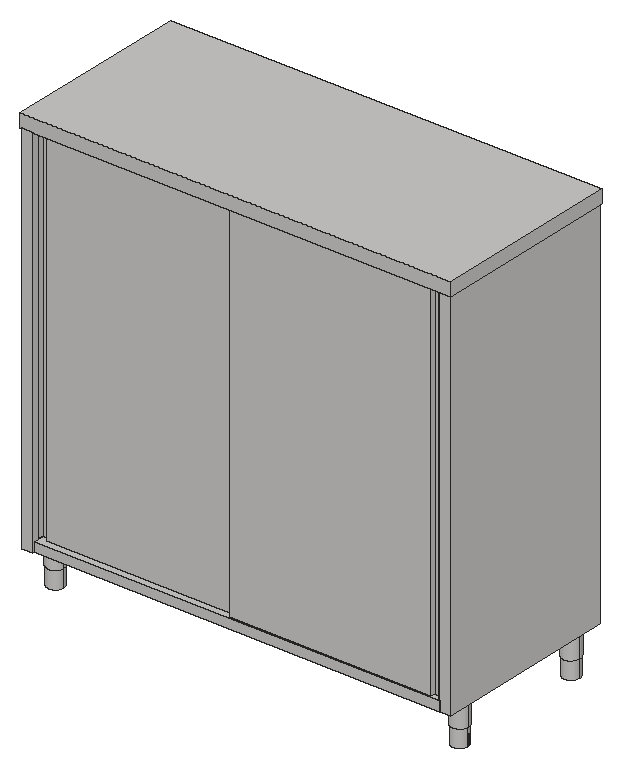
Revit family "QF_ZANUSSI_132888_SAS16N", category Attrezzature speciali, Revit 2020
Family settings
  Quota connettore circolare = Usa diametro
  Tipo di parte = Normale
  Basato su piano di lavoro = No
  Sempre verticale = Sì
  Taglio con vuoti quando caricato = No
  Condiviso = No
  Punto di calcolo locali = No
Parameters (values of type "Standard")
  Weight = 123.00 kg
  Watts = 0 W
  Volts = 0 V
  URL Manufacturer = "http://www.zanussiprofessional.com"
  URL = "http://www.zanussiprofessional.com"
  Steam Supply Size = 0 mm
  Steam Supply Minimum Pressure = 0.0 Pa
  Steam Supply Maximum Pressure = 0.0 Pa
  Steam Consumption per Hour = 0
  Refrigeration Suction Line Size = 0.0 mm
  Refrigeration Liquid Line Size = 0.0 mm
  Refrigerant Compressor Remote = yes
  Prospetto di default = 0.0 mm
  Phase = 0
  Modello = "SAS16N"
  Produttore = "Zanussi"
  Length Actual = 1600.0 mm  # constant formula
  Item Number = "132888"
  Hot Water Size = 0 mm
  Height Actual = 1600.0 mm  # constant formula
  HP = "0 HP"
  Gas Size = 0 mm
  Gas KW = 0
  Gas Input Pressure = 0 W
  Direct Waste Size = 0 mm
  Descrizione = "STORAGE CAB(H=1600)+SLIDING DOORS 1600MM"
  Depth Actual = 700.0 mm  # constant formula
  Cycle = 0 Hz
  Condensate Return Size = 0 mm
  Compressed Air Volume = 0.0 L/s
  Compressed Air Size = 0 mm
  Compressed Air Pressure = 0.0 Pa
  Cold Water Size = 0 mm
  Accessory = yes
Reference planes
  plane 1 "Center (Front/Back)": y = 0
  plane 2: z = 0
  plane 3 "Center (Left/Right)": x = -300
  plane 4 "LEFT": x = -1100
  plane 5 "RIGHT": x = 500
  plane 6 "BACK": y = 350
  plane 7 "FRONT": y = -350
  plane 8 "TOP": z = 1600
  plane 9: x = -1052
  plane 10: x = 452
  plane 11: y = 270
  plane 12: y = -247
  plane 13 "FEET": z = 150
  plane 14: x = -1054.5
  plane 15: y = -344.5
  plane 16: x = 454.5
  plane 17: x = -326.5
  plane 18: x = -273.5
  plane 19 "BaseTop": z = 1550
  plane 20: x = -1094.5
  plane 21: x = 494.5
  plane 22: y = 344.5
Forms (mm)
  Extrusion 1, solid, material "QF_Finishes_Stainless Steel"
    sketch origin (0, 0, 150) x (-1, 0, 0) y (0, -1, 0)
      loop
        line (1094.5, -350) -> (1094.5, 350) -> (1054.5, 350) -> (1054.5, -350) -> (1094.5, -350)
      loop
        line (-454.5, -350) -> (-454.5, 344.5) -> (-494.5, 344.5) -> (-494.5, -350) -> (-454.5, -350)
    from 0 to 1400
  Extrusion 2, solid, material "QF_Finishes_Stainless Steel"
    sketch origin (0, 0, 150) x (-1, 0, 0) y (0, -1, 0)
      loop
        line (1054.5, -347) -> (1054.5, 344.5) -> (-454.5, 344.5) -> (-454.5, -347) -> (1054.5, -347)
    from 0 to 35
  Extrusion 3, solid, material "QF_Finishes_Stainless Steel"
    sketch origin (0, 0, 150) x (-1, 0, 0) y (0, -1, 0)
      loop
        line (-454.5, -350) -> (1054.5, -350) -> (1054.5, -327) -> (-454.5, -327) -> (-454.5, -350)
    from 1400 to 35
  Extrusion 4, solid, material "QF_Finishes_Stainless Steel"
    sketch origin (0, 0, 1550) x (-1, 0, 0) y (0, -1, 0)
      loop
        line (1100, 350) -> (-500, 350) -> (-500, -350) -> (1100, -350) -> (1100, 350)
    from 0 to 50
  Extrusion 5, solid, material "QF_Finishes_Stainless Steel"
    sketch origin (33, 0, 150) x (-1, 0, 0) y (0, -1, 0)
      loop
        line (306.5, 324.5) -> (306.5, 304.5) -> (1085, 304.5) -> (1085, 324.5) -> (1083, 324.5) -> (1083, 309.5) -> (1056.034, 309.5) -> (1056.034, 324.5) -> (306.5, 324.5)
    from 1400 to 40
  Extrusion 6, solid, material "QF_Finishes_Stainless Steel"
    sketch origin (-633, 0, 150) x (1, 0, 0) y (0, 1, 0)
      loop
        line (306.5, -344.5) -> (1056.034, -344.5) -> (1056.034, -329.5) -> (1083, -329.5) -> (1083, -344.5) -> (1085, -344.5) -> (1085, -324.5) -> (306.5, -324.5) -> (306.5, -344.5)
    from 1400 to 40
Lines and regions (mm)
  symbolic lines, style "SpecialityEquipment"
    curve 1: line (-1100, 350, 1550) -> (500, 350, 1550)
    curve 2: line (-1100, -350, 1550) -> (-1100, 350, 1550)
    curve 3: line (500, -350, 1550) -> (-1100, -350, 1550)
    curve 4: line (500, 350, 1550) -> (500, -350, 1550)
  symbolic lines, style "SpecialityEquipmentHiddenLines"
    curve 5: line (-1100, -350, 1550) -> (500, 350, 1550)
    curve 6: line (-326.5, -324.5, 200) -> (-326.5, -344.5, 200)
    curve 7: line (-1052, -304.5, 1550) -> (-273.5, -304.5, 1550)
    curve 8: line (-273.5, -304.5, 1550) -> (-273.5, -324.5, 1550)
    curve 9: line (-273.5, -324.5, 1550) -> (-1052, -324.5, 1550)
    curve 10: line (-1052, -324.5, 1550) -> (-1052, -304.5, 1550)
    curve 11: line (-326.5, -344.5, 1550) -> (452, -344.5, 1550)
    curve 12: line (452, -344.5, 1550) -> (452, -324.5, 1550)
    curve 13: line (452, -324.5, 1550) -> (-273.5, -324.5, 1550)
Dimensions and locks
  plane 4 "LEFT" to plane 5 "RIGHT" = 1600.0 mm
  equal spacing: plane 4 "LEFT", plane 3 "Center (Left/Right)", plane 5 "RIGHT"
  plane 6 "BACK" to plane 7 "FRONT" = 700.0 mm
  equal spacing: plane 6 "BACK", plane 1 "Center (Front/Back)", plane 7 "FRONT"
  locked: plane 13 "FEET" to level at 150
  locked: plane 4 "LEFT" to plane 9 at 48
  locked: plane 10 to plane 5 "RIGHT" at 48
  locked: plane 6 "BACK" to plane 11 at 80
  locked: plane 12 to plane 7 "FRONT" at 103
  locked: plane 8 "TOP" to level at 1600
  locked: plane 17 to plane 18 at 53
  equal spacing: plane 17, plane 3 "Center (Left/Right)", plane 18
  plane 4 "LEFT" to plane 20 = 5.5 mm
  locked: plane 20 to plane 14 at 40
  locked: plane 16 to plane 21 at 40
  locked: plane 21 to plane 5 "RIGHT" at 5.5
  plane 15 to plane 7 "FRONT" = 5.5 mm  (x2)
  plane 6 "BACK" to plane 22 = 5.5 mm
  locked: plane 8 "TOP" to plane 19 "BaseTop" at 50
  aligned and locked: level to plane 2
  aligned and locked: plane 9 to nested 1
  aligned and locked: plane 10 to nested 2
  aligned and locked: nested 4 to plane 11
  aligned and locked: plane 9 to nested 3
  aligned and locked: nested 3 to plane 11
  aligned and locked: plane 6 "BACK" to Extrusion 1 sketch curve
  aligned and locked: Extrusion 1 sketch curve to plane 6 "BACK"
  aligned and locked: Extrusion 1 sketch curve to plane 7 "FRONT"
  aligned and locked: plane 14 to Extrusion 1
  aligned and locked: Extrusion 2 to plane 14
  aligned and locked: Extrusion 2 to plane 15
  aligned and locked: nested 1 to plane 12
  aligned and locked: nested 2 to plane 12
  aligned and locked: Extrusion 2 sketch curve to plane 16
  aligned and locked: nested 4 to nested 2
  aligned and locked: plane 16 to Extrusion 3
  aligned and locked: Extrusion 3 to plane 14
  aligned and locked: plane 19 "BaseTop" to Extrusion 3
  aligned and locked: plane 19 "BaseTop" to Extrusion 5
  aligned and locked: plane 19 "BaseTop" to Extrusion 6
  aligned and locked: plane 19 "BaseTop" to Extrusion 1
Automatic sketch dimensions
  Extrusion 1 sketch curve to plane 15 = 0.0 mm
  Extrusion 1 sketch curve to plane 21 = 0.0 mm
  Extrusion 1 sketch curve to plane 16 = 0.0 mm
  Extrusion 1 sketch curve to plane 14 = 0.0 mm
  Extrusion 1 sketch curve to plane 20 = 0.0 mm
  Extrusion 2 sketch curve to plane 14 = 0.0 mm
  Extrusion 2 sketch curve to plane 15 = 0.0 mm
  plane 22 to Extrusion 2 sketch curve = 2.5 mm
  curve 6 to plane 15 = 0.0 mm
  curve 6 to plane 17 = 0.0 mm
  plane 15 to curve 6 = 20.0 mm
  Extrusion 3 sketch curve to plane 6 "BACK" = 0.0 mm
  Extrusion 3 sketch curve to plane 16 = 0.0 mm
  Extrusion 3 sketch curve to plane 14 = 0.0 mm
  plane 22 to Extrusion 3 sketch curve = 17.5 mm
  Extrusion 4 sketch curve to plane 5 "RIGHT" = 0.0 mm
  Extrusion 4 sketch curve to plane 4 "LEFT" = 0.0 mm
  Extrusion 4 sketch curve to plane 6 "BACK" = 0.0 mm
  Extrusion 4 sketch curve to plane 7 "FRONT" = 0.0 mm
  Extrusion 5 sketch curve to plane 18 = 0.0 mm
  Extrusion 5 sketch curve to plane 9 = 0.0 mm
  plane 9 to Extrusion 5 sketch curve = 28.966 mm
  plane 9 to Extrusion 5 sketch curve = 2.0 mm
  plane 15 to Extrusion 5 sketch curve = 40.0 mm
  Extrusion 5 sketch curve to Extrusion 5 sketch curve = 5.0 mm
  Extrusion 5 sketch curve to Extrusion 5 sketch curve = 15.0 mm  (x2)
  Extrusion 6 sketch curve to plane 17 = 0.0 mm
  Extrusion 6 sketch curve to plane 15 = 0.0 mm  (x2)
  Extrusion 6 sketch curve to plane 10 = 0.0 mm
  plane 10 to Extrusion 6 sketch curve = 28.966 mm
  Extrusion 6 sketch curve to plane 15 = 15.0 mm
  Extrusion 6 sketch curve to Extrusion 6 sketch curve = 20.0 mm
  Extrusion 6 sketch curve to Extrusion 6 sketch curve = 2.0 mm
  curve 1 to plane 5 "RIGHT" = 0.0 mm
  curve 11 to plane 10 = 0.0 mm
  curve 8 to plane 18 = 0.0 mm
  curve 11 to plane 17 = 0.0 mm
  curve 9 to plane 9 = 0.0 mm
  curve 3 to plane 4 "LEFT" = 0.0 mm
  curve 1 to plane 6 "BACK" = 0.0 mm
  curve 12 to plane 15 = 0.0 mm
  curve 4 to plane 7 "FRONT" = 0.0 mm
  plane 15 to curve 8 = 40.0 mm
  curve 13 to curve 11 = 20.0 mm
Nested families
  nested 1: "FEET_D60-150" at (-1052, -247, 0), type "FEET_D60-150"
  nested 2: "FEET_D60-150" at (452, -247, 0), type "FEET_D60-150"
  nested 3: "FEET_D60-150" at (-1052, 270, 0), type "FEET_D60-150"
  nested 4: "FEET_D60-150" at (452, 270, 0), type "FEET_D60-150"
Definition of nested family "FEET_D60-150"
  Parameters
    Default Elevation = 0.0 mm
    FEET = 150.0 mm
  Reference planes
    plane 1 "Center (Front/Back)": y = 0
    plane 2: z = 0
    plane 3 "Center (Left/Right)": x = 0
    plane 4: z = 150
  Forms (mm)
    Extrusion 1, solid
      sketch origin (0, 0, 0) x (1, 0, 0) y (0, 1, 0)
        loop
          circle (0, 0) r 28
      from 0 to 67
    Revolve 2, solid
      sketch origin (0, 0, 0) x (1, 0, 0) y (0, 0, 1)
        loop
          line (0, 0) -> (0, 150) -> (-32.939, 150) -> (-32.939, 67) -> (-30, 67) -> (-30, 0) -> (0, 0)
        axis (0, 150) -> (0, 0)
      angle from 0 to 360
  Lines and regions (mm)
    symbolic lines
      curve 1: line (0, -1.503, 0) -> (0, 1.508, 0)
      curve 2: line (1.561, 0, 0) -> (-1.439, 0, 0)
  Dimensions and locks
    "FEET": plane 4 to plane 2
    aligned and locked: level to plane 2
  Automatic sketch dimensions
    plane 1 "Center (Front/Back)" to Extrusion 1 sketch curve = 0.0 mm
    Extrusion 1 sketch curve to plane 3 "Center (Left/Right)" = 0.0 mm
    plane 1 "Center (Front/Back)" to curve 2 = 0.0 mm
    curve 1 to plane 3 "Center (Left/Right)" = 0.0 mm
    curve 2 to plane 3 "Center (Left/Right)" = 1.439 mm
    plane 3 "Center (Left/Right)" to curve 2 = 1.561 mm
    plane 1 "Center (Front/Back)" to curve 1 = 1.503 mm
    curve 1 to plane 1 "Center (Front/Back)" = 1.508 mm
    Revolve 2 sketch curve to plane 4 = 0.0 mm
    Revolve 2 sketch curve to level = 0.0 mm
    Revolve 2 sketch curve to plane 3 "Center (Left/Right)" = 0.0 mm  (x2)
    Revolve 2 sketch curve to plane 3 "Center (Left/Right)" = 30.0 mm
    Revolve 2 sketch curve to plane 3 "Center (Left/Right)" = 32.939 mm
    level to Revolve 2 sketch curve = 67.0 mm
    Revolve 2 sketch curve to level = 42.207 mm
    Revolve 2 sketch curve to Revolve 2 sketch curve = 10.0 mm
    radius of Extrusion 1 sketch curve = 28.0 mm
